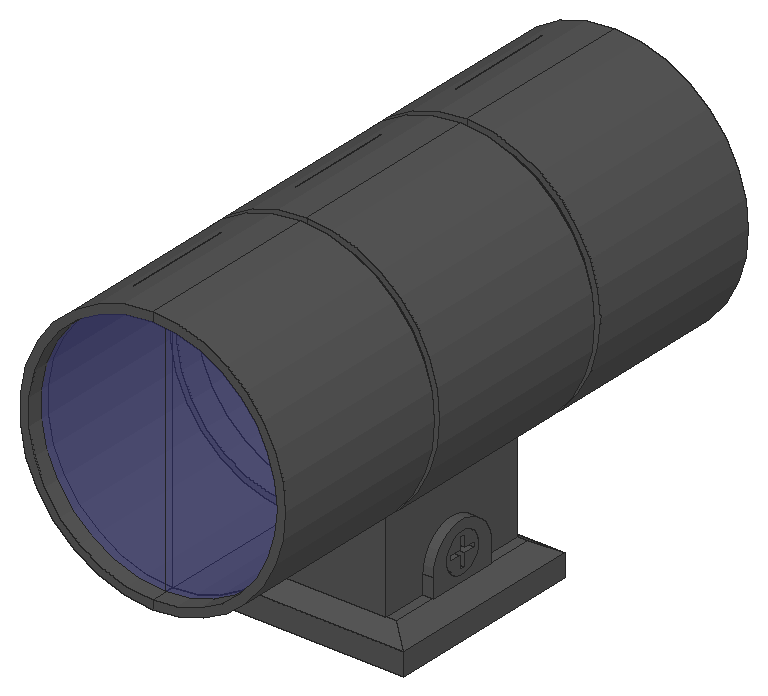
Revit family "CARLO CYLINDER LIGHT WALL MOUNT", category Lighting Fixtures, host Face, Revit 2020 (continued)
Types (10): name | Wattage_Input | Wattage Comments | Wattage | Photometric Web File | built-in parameter 1150142 | Model | built-in parameter 1150105 | Lumens | Light Length 1 | LIGHT RADIUS | LIGHT PLACEMENT | LIGHT LENGTH | LIGHT DIA | built-in parameter 1150106 | FIXED END HEIGHT | Curve base Height | Base Curve | BEAMING ANGLE | Apparent Load
    1011.9 \r\n1006.9 1014.2 1015.4 1015.1 1013.9 1012.3 1010.2 1008.2 1005.4 1001.1 \r\n 996.18 991.54 986.71 981.51 975.96 970.05 963.77 957.12 950.03 942.34 \r\n 934.37 926.48 918.42 910.09 901.37 892.17 882.29 871.36 859.76 847.75 \r\n 835.35 822.79 809.77 795.88 781.78 768.28 754.65 740.35 725.58 710.29 \r\n 694.67 678.73 662.93 647.8 633.04 618.7 604.32 589.28 574.16 559.3 \r\n 544.83 531.01 517.91 505.72 494.35 483.8 474.02 465.15 456.61 447.78 \r\n 438.95 430.32 421.49 412 402.18 392.36 382.05 370.52 358.81 347.91 \r\n 337.25 326.41 316.04 307.87 298.19 282.62 264.83 247.32 229.16 210.37 \r\n 190.55 168.88 146.63 124.53 103.4 84.3 67.213 51.939 40.048 34.161 \r\n 30.929 27.639 24.997 22.852 21.068 19.442 18.02 16.808 15.724 14.662 \r\n 13.702 12.919 12.225 11.539 10.909 10.366 9.877 9.4162 8.9877 8.5876 \r\n 8.215 7.87 7.5456 7.2336 6.9363 6.6543 6.3843 6.123 5.871 5.6272 \r\n 5.3934 5.173 4.9599 4.7479 4.5408 4.3388 4.1469 3.9733 3.8081 3.6418 \r\n 3.4815 3.3321 3.1901 3.0536 2.9218 2.7889 2.667 2.572 2.487 2.3952 \r\n 2.3124 2.2526 2.2035 2.159 2.1149 2.0588 2.009 1.993 1.9709 1.8992 \r\n 1.816 1.7535 1.6866 1.5949 1.4956 1.3968 1.3053 1.2429 1.1738 1.0538 \r\n 0.92986 0.84294 0.76745 0.68978 0.61494 0.54188 0.47515 0.42468 0.37322 0.29739 \r\n 0.22545 0.18577 0.15464 0.11427 0.075184 0.040637 0.014679 0.0057745 0.003944 0.001319 \r\n 0.000032 0 0 0 0 0.013158 0.032852 0.056784 0.085126 0.11704 \r\n 0.15326 0.19381 0.24001 0.29489 0.35336 0.40999 0.46877 0.53141 0.59939 0.67858 \r\n 0.75743 0.81783 0.88528 0.98946 1.0997 1.1907 1.2756 1.3563 1.4401 1.543 \r\n 1.6414 1.7099 1.7705 1.8431 1.909 1.952 1.9886 2.0309 2.0757 2.1251 \r\n 2.1744 2.2137 2.2613 2.3389 2.4266 2.5081 2.5938 2.6872 2.7927 2.9214 \r\n 3.0565 3.1784 3.306 3.4573 3.6161 3.7679 3.9261 4.1005 4.2878 4.4922 \r\n 4.7003 4.8942 5.0915 5.3048 5.5306 5.7685 6.0215 6.2957 6.5819 6.8723 \r\n 7.1692 7.4677 7.7812 8.1229 8.488 8.8706 9.287 9.7548 10.265 10.81 \r\n 11.402 12.038 12.752 13.581 14.509 15.509 16.653 17.988 19.561 21.361 \r\n 23.62 26.287 30.202 35.07 44.25 63.149 85.342 105.57 125.76 145.98 \r\n 166.51 187.8 209.38 231.51 252.37 270.43 285.06 294.05 300.64 307.46 \r\n 314.23 321.61 329.41 337.61 346.3 355.49 365.3 375.97 387.08 398.43 \r\n 409.64 420.06 430.37 441.04 452.01 463.39 475.19 487.29 500.15 514.46 \r\n 529.39 544.25 559.26 574.46 589.73 604.94 620.24 635.74 651.31 666.81 \r\n 682.28 697.84 713.14 727.82 742.02 755.75 769.13 782.31 795.26 808.16 \r\n 820.52 831.67 842.32 853.07 863.51 873.43 882.8 891.48 899.56 907.11 \r\n 913.94 919.66 924.89 930.18 935.42 940.79 946.07 951.06 955.9 960.56 \r\n 965.42 971.17 976.89 981.59 986.17 991.47 996.7 1001.3 1005.4 1008.8 \r\n 1011.9 \r\n1006.9 1013.8 1014.7 1014.3 1012.9 1011 1008.7 1006.6 1003.8 999.49 \r\n 994.62 990.07 985.31 980.11 974.53 968.58 962.25 955.51 948.35 940.67 \r\n 932.72 924.76 916.6 908.18 899.34 889.99 879.91 868.74 856.95 844.94 \r\n 832.59 819.99 806.88 792.78 778.44 764.73 750.88 736.34 721.3 705.64 \r\n 689.7 673.72 657.96 642.85 628.16 613.99 599.73 584.57 569.32 554.49 \r\n 540.14 526.54 513.72 501.81 490.75 480.52 471.03 462.34 453.93 445.2 \r\n 436.48 428.04 419.4 410.13 400.5 390.79 380.56 369.15 357.5 346.51 \r\n 335.68 324.59 313.85 305.29 294.82 277.4 257.73 239.19 220.65 202.41 \r\n 183.51 162.67 141.15 119.43 98.582 79.671 63.116 49.559 39.405 34.172 \r\n 31.172 27.982 25.327 23.183 21.377 19.712 18.249 17.017 15.916 14.823 \r\n 13.835 13.042 12.338 11.633 10.984 10.435 9.9423 9.4723 9.0339 8.6258 \r\n 8.2456 7.8928 7.5611 7.2424 6.9407 6.6602 6.3921 6.1276 5.8716 5.6262 \r\n 5.3912 5.1692 4.9546 4.7419 4.5342 4.3311 4.1382 3.9642 3.7986 3.6316 \r\n 3.4704 3.3205 3.1781 3.0412 2.9099 2.7805 2.6622 2.5668 2.482 2.3957 \r\n 2.3184 2.2601 2.2103 2.1617 2.1141 2.0626 2.0145 1.9915 1.9611 1.8865 \r\n 1.8014 1.736 1.6645 1.5626 1.4565 1.3661 1.2845 1.2201 1.1471 1.0288 \r\n 0.90761 0.82227 0.74737 0.6676 0.59137 0.52221 0.45947 0.40784 0.35479 0.28107 \r\n 0.21143 0.17146 0.13942 0.098439 0.059519 0.026996 0.0039642 0 0 0 \r\n 0 0 0 0 0.00041383 0.015746 0.036573 0.056747 0.08094 0.1126 \r\n 0.14926 0.1892 0.23366 0.28341 0.3381 0.39901 0.46195 0.52024 0.58254 0.66022 \r\n 0.73848 0.79757 0.86367 0.96602 1.0757 1.1707 1.2598 1.3406 1.4247 1.5324 \r\n 1.6361 1.7068 1.7685 1.8417 1.908 1.9515 1.9882 2.0287 2.0723 2.1245 \r\n 2.1762 2.2132 2.2572 2.3326 2.4175 2.494 2.5741 2.662 2.7633 2.8924 \r\n 3.0275 3.1436 3.2647 3.4127 3.5693 3.7194 3.8743 4.0379 4.2159 4.4232 \r\n 4.635 4.8235 5.0122 5.2159 5.4337 5.6704 5.9232 6.1928 6.4724 6.7549 \r\n 7.0416 7.3267 7.6235 7.9445 8.2857 8.642 9.029 9.4626 9.9366 10.453 \r\n 11.004 11.556 12.179 12.959 13.825 14.698 15.696 16.917 18.338 19.856 \r\n 21.813 24.368 27.964 31.719 39.771 58.241 80.301 100.56 120.83 140.77 \r\n 161.42 184.23 207.66 231.26 253.17 271.31 285.9 295.66 303.02 309.97 \r\n 316.61 323.73 331.21 339.25 347.69 356.32 365.49 375.6 386.27 397.41 \r\n 408.55 419 429.33 439.91 450.72 461.82 473.29 485.04 497.65 512.01 \r\n 527.09 542.02 557.08 572.29 587.55 602.71 617.93 633.38 648.83 664.06 \r\n 679.25 694.61 709.78 724.46 738.66 752.16 765.32 778.45 791.45 804.56 \r\n 817.1 828.2 838.76 849.54 860.07 870.15 879.74 888.72 897.13 905.05 \r\n 912.24 918.3 923.81 929.24 934.55 939.91 945.16 950.2 955.11 959.77 \r\n 964.66 970.55 976.32 980.69 984.94 990.26 995.65 1000.6 1004.9 1008.6 \r\n 1011.9 \r\n1006.9 1013.3 1014 1013.4 1011.8 1009.7 1007.1 1004.6 1001.7 997.32 \r\n 992.5 988.01 983.29 977.97 972.28 966.32 959.99 953.24 946.08 938.45 \r\n 930.54 922.62 914.4 905.68 896.5 886.87 876.61 865.43 853.69 841.76 \r\n 829.4 816.45 803.01 789.04 774.84 760.82 746.58 731.86 716.71 700.94 \r\n 684.99 669.18 653.58 638.36 623.47 609.1 594.67 579.36 564.05 549.34 \r\n 535.18 521.75 509.07 497.28 486.26 475.98 466.37 457.51 448.96 440.16 \r\n 431.41 422.97 414.44 405.53 396.29 386.74 376.69 365.73 354.54 343.81 \r\n 333.14 322.25 311.45 302.17 290.77 272.64 252.2 232.6 213.07 194.16 \r\n 174.99 154.63 133.81 112.5 92.117 73.927 58.419 46.671 38.183 33.462 \r\n 30.568 27.522 24.942 22.838 21.055 19.427 17.992 16.755 15.651 14.595 \r\n 13.647 12.869 12.177 11.488 10.854 10.315 9.83 9.3686 8.9384 8.5382 \r\n 8.1644 7.8147 7.4845 7.1675 6.8667 6.5849 6.3162 6.0545 5.8027 5.5614 \r\n 5.33 5.1087 4.8947 4.6844 4.4803 4.2822 4.0943 3.9234 3.7601 3.5941 \r\n 3.434 3.2861 3.1466 3.0138 2.8876 2.7652 2.6531 2.5588 2.4755 2.3978 \r\n 2.3287 2.2714 2.2203 2.171 2.1229 2.0723 2.0234 1.9847 1.9392 1.8664 \r\n 1.7855 1.7153 1.6369 1.5289 1.4193 1.334 1.2569 1.1851 1.1059 0.99585 \r\n 0.88453 0.79938 0.72298 0.64527 0.5717 0.50477 0.44328 0.38924 0.33544 0.27029 \r\n 0.20896 0.1671 0.13162 0.092299 0.056178 0.025842 0.0043882 0 0 0 \r\n 0 0 0 0 0.00034799 0.012799 0.02973 0.045125 0.065908 0.099623 \r\n 0.13839 0.1749 0.21498 0.2622 0.31594 0.37934 0.44463 0.50087 0.56074 0.63906 \r\n 0.71849 0.77796 0.84343 0.94245 1.0492 1.1449 1.2362 1.3196 1.4074 1.5213 \r\n 1.6302 1.7007 1.7605 1.8317 1.8964 1.9411 1.9772 2.0098 2.0454 2.0974 \r\n 2.15 2.1837 2.2232 2.2935 2.3739 2.4492 2.5286 2.6139 2.7129 2.8422 \r\n 2.9773 3.0905 3.2082 3.354 3.5088 3.6585 3.8123 3.9721 4.1455 4.349 \r\n 4.5577 4.7442 4.9314 5.1336 5.3493 5.583 5.8306 6.0904 6.3597 6.6357 \r\n 6.9171 7.1984 7.489 7.7958 8.1204 8.4622 8.8347 9.254 9.7126 10.212 \r\n 10.743 11.271 11.868 12.616 13.446 14.284 15.234 16.378 17.706 19.131 \r\n 20.95 23.325 26.567 29.713 36.744 53.262 73.443 92.927 112.94 132.95 \r\n 153.86 176.97 200.48 223.37 244.62 262.82 278.17 290.12 299.59 306.87 \r\n 313.3 320.42 327.89 335.96 344.45 353.23 362.55 372.65 383.35 394.7 \r\n 406.11 416.83 427.44 438.3 449.33 460.56 472.05 483.66 496.03 510.1 \r\n 524.87 539.61 554.51 569.5 584.55 599.59 614.73 630.11 645.52 660.78 \r\n 676.01 691.41 706.58 721.17 735.3 748.86 762.1 775.31 788.37 801.44 \r\n 813.98 825.21 835.96 846.96 857.73 868.05 877.89 887.18 895.9 904.09 \r\n 911.52 917.76 923.47 929.25 934.82 940.08 945.12 950.01 954.79 959.35 \r\n 964.11 969.74 975.31 979.75 984.15 989.56 995.06 1000.1 1004.6 1008.5 \r\n 1011.9 \r\n1006.9 1012.9 1013.2 1012.4 1010.8 1008.4 1005.4 1002.6 999.38 995.02 \r\n 990.26 985.82 981.11 975.68 969.86 963.91 957.63 950.89 943.75 936.19 \r\n 928.34 920.47 912.21 903.19 893.64 883.74 873.3 862.15 850.5 838.66 \r\n 826.27 812.91 799.11 785.3 771.26 756.91 742.27 727.37 712.12 696.31 \r\n 680.38 664.78 649.33 633.98 618.85 604.2 589.51 574.07 558.72 544.15 \r\n 530.21 516.94 504.4 492.7 481.71 471.31 461.51 452.43 443.67 434.75 \r\n 425.94 417.45 408.99 400.41 391.55 382.13 372.25 361.76 351.07 340.64 \r\n 330.17 319.48 308.6 298.46 286.09 267.58 246.74 226.16 205.57 185.8 \r\n 166.17 146.24 126.15 105.29 85.475 68.175 53.848 43.877 36.965 32.665 \r\n 29.803 26.898 24.411 22.354 20.6 19.022 17.627 16.392 15.29 14.282 \r\n 13.387 12.631 11.953 11.288 10.677 10.151 9.6759 9.2265 8.808 8.419 \r\n 8.0545 7.7103 7.3839 7.0708 6.7724 6.4894 6.2199 5.9623 5.716 5.4801 \r\n 5.2531 5.0332 4.8202 4.6132 4.4136 4.2219 4.04 3.8729 3.7121 3.548 \r\n 3.3897 3.2442 3.1082 2.9806 2.8606 2.746 2.6405 2.5476 2.4661 2.3974 \r\n 2.337 2.2804 2.2277 2.1787 2.1306 2.0813 2.0295 1.9739 1.9127 1.8425 \r\n 1.7668 1.6912 1.6056 1.4938 1.3827 1.3013 1.227 1.1468 1.0609 0.96068 \r\n 0.86077 0.77549 0.69715 0.62249 0.55252 0.48737 0.42643 0.36977 0.31543 0.25993 \r\n 0.20787 0.1638 0.12448 0.087461 0.054884 0.02703 0.007 0.00050721 0 0 \r\n 0 0 0 0 0.0002555 0.0089994 0.021291 0.032123 0.049926 0.085844 \r\n 0.12674 0.15962 0.19518 0.24029 0.29339 0.35864 0.42573 0.48051 0.53868 0.61758 \r\n 0.69814 0.75891 0.82446 0.91939 1.0222 1.1181 1.2115 1.298 1.3897 1.5086 \r\n 1.6213 1.6921 1.7504 1.8193 1.8823 1.9289 1.9653 1.9896 2.0163 2.067 \r\n 2.1196 2.1505 2.186 2.25 2.3251 2.3997 2.4795 2.5627 2.6595 2.7882 \r\n 2.9227 3.034 3.1494 3.2927 3.4454 3.5949 3.7483 3.9056 4.0752 4.2732 \r\n 4.477 4.6626 4.8499 5.0518 5.2661 5.4962 5.7377 5.987 6.2455 6.5149 \r\n 6.7914 7.0705 7.357 7.6515 7.9617 8.2915 8.6528 9.0615 9.5085 9.9922 \r\n 10.506 11.024 11.606 12.325 13.125 13.945 14.866 15.945 17.194 18.566 \r\n 20.288 22.488 25.409 28.156 34.277 48.497 66.38 84.886 104.55 124.74 \r\n 145.94 169.07 192.28 214.1 234.43 252.68 268.95 283.33 295.14 302.84 \r\n 309.1 316.27 323.78 331.87 340.45 349.48 359.04 369.22 379.98 391.56 \r\n 403.26 414.26 425.17 436.35 447.68 459.1 470.67 482.18 494.33 508.02 \r\n 522.41 536.92 551.62 566.36 581.2 596.12 611.18 626.5 641.92 657.28 \r\n 672.63 688.09 703.28 717.8 731.87 745.55 758.95 772.28 785.41 798.42 \r\n 810.93 822.34 833.36 844.61 855.65 866.22 876.33 885.92 894.92 903.33 \r\n 910.96 917.36 923.26 929.41 935.28 940.42 945.24 949.96 954.58 959.04 \r\n 963.66 968.96 974.28 978.86 983.5 989 994.56 999.65 1004.3 1008.4 \r\n 1011.9 \r\n1006.9 1012.4 1012.3 1011.5 1009.8 1007 1003.8 1000.6 997.06 992.67 \r\n 987.99 983.58 978.86 973.32 967.4 961.47 955.25 948.55 941.45 933.97 \r\n 926.2 918.4 910.09 900.78 890.88 880.72 870.13 859.02 847.47 835.68 \r\n 823.24 809.48 795.3 781.62 767.72 753.03 737.98 722.91 707.59 691.75 \r\n 675.87 660.44 645.12 629.63 614.24 599.27 584.3 568.74 553.4 539 \r\n 525.27 512.18 499.79 488.2 477.23 466.7 456.7 447.4 438.41 429.34 \r\n 420.43 411.86 403.43 395.12 386.56 377.22 367.47 357.42 347.2 337.06 \r\n 326.76 316.21 305.16 294.06 280.73 262.13 241.21 219.78 198.19 177.49 \r\n 157.31 137.76 118.39 98.046 78.901 62.626 49.563 41.266 35.78 31.821 \r\n 28.941 26.171 23.791 21.786 20.066 18.544 17.197 15.968 14.873 13.922 \r\n 13.086 12.354 11.693 11.056 10.471 9.9597 9.4963 9.0609 8.656 8.2798 \r\n 7.9263 7.5891 7.2679 6.9602 6.6656 6.3818 6.1117 5.8588 5.6187 5.3886 \r\n 5.1665 4.9483 4.7369 4.5335 4.3389 4.154 3.9788 3.8155 3.6574 3.4957 \r\n 3.3397 3.1971 3.0649 2.943 2.8297 2.723 2.6244 2.5332 2.4536 2.394 \r\n 2.3419 2.2857 2.2316 2.1834 2.1359 2.0871 2.0316 1.9594 1.883 1.8158 \r\n 1.7453 1.6641 1.5714 1.4581 1.3476 1.2689 1.1956 1.1067 1.0145 0.92447 \r\n 0.83634 0.75083 0.67048 0.59951 0.53368 0.46989 0.40898 0.34985 0.29523 0.24939 \r\n 0.2066 0.16035 0.11732 0.083012 0.05441 0.029331 0.010769 0.0026571 0 0 \r\n 0 0 0 0 0.00015043 0.0048397 0.01229 0.019135 0.034533 0.072399 \r\n 0.11509 0.14456 0.17594 0.2192 0.2717 0.33813 0.40643 0.4602 0.51719 0.5963 \r\n 0.67773 0.74063 0.80699 0.8972 0.99519 1.0912 1.1868 1.2764 1.3717 1.4937 \r\n 1.6088 1.6805 1.7386 1.8052 1.8665 1.9164 1.9541 1.9707 1.9889 2.0373 \r\n 2.0889 2.1177 2.1497 2.2068 2.2756 2.35 2.4307 2.5119 2.6064 2.7335 \r\n 2.8667 2.9771 3.0912 3.2314 3.3815 3.5311 3.6846 3.8403 4.0068 4.1981 \r\n 4.3959 4.5811 4.7696 4.9718 5.1849 5.4109 5.6459 5.8848 6.133 6.3955 \r\n 6.6673 6.9451 7.2289 7.513 7.811 8.1313 8.4836 8.8843 9.322 9.7909 \r\n 10.291 10.805 11.381 12.073 12.844 13.658 14.565 15.587 16.769 18.115 \r\n 19.769 21.8 24.435 26.952 32.272 44.024 59.376 76.767 96.013 116.41 \r\n 137.94 160.86 183.54 204.17 223.55 241.92 259.16 276.01 290.2 298.4 \r\n 304.57 311.82 319.37 327.48 336.12 345.4 355.23 365.49 376.34 388.12 \r\n 400.07 411.33 422.52 434.03 445.64 457.28 468.95 480.4 492.34 505.63 \r\n 519.58 533.85 548.35 562.84 577.47 592.29 607.31 622.6 638.03 653.54 \r\n 669.06 684.6 699.82 714.29 728.34 742.18 755.8 769.28 782.52 795.47 \r\n 807.95 819.58 830.9 842.44 853.76 864.6 874.97 884.82 894.06 902.67 \r\n 910.46 917 923.08 929.6 935.76 940.81 945.4 949.97 954.44 958.8 \r\n 963.28 968.24 973.29 978.05 982.96 988.53 994.13 999.28 1004 1008.3 \r\n 1011.9 \r\n1006.9 1011.9 1011.5 1010.5 1008.7 1005.8 1002.2 998.66 994.78 990.38 \r\n 985.77 981.36 976.62 970.98 964.97 959.09 952.95 946.29 939.25 931.87 \r\n 924.19 916.44 908.1 898.53 888.33 877.96 867.23 856.15 844.67 832.9 \r\n 820.36 806.23 791.7 778.07 764.23 749.2 733.78 718.54 703.14 687.28 \r\n 671.44 656.13 640.88 625.26 609.63 594.33 579.06 563.43 548.15 533.93 \r\n 520.43 507.54 495.31 483.87 472.97 462.36 452.21 442.7 433.51 424.29 \r\n 415.27 406.6 398.15 389.99 381.6 372.28 362.58 352.87 343.02 333.12 \r\n 322.93 312.35 300.98 288.89 274.64 256.18 235.45 213.4 190.96 169.4 \r\n 148.68 129.47 110.77 91.022 72.643 57.493 45.727 38.924 34.659 30.968 \r\n 28.047 25.405 23.137 21.188 19.507 18.041 16.742 15.525 14.445 13.549 \r\n 12.772 12.066 11.422 10.814 10.256 9.7594 9.3076 8.8864 8.4955 8.1323 \r\n 7.79 7.4605 7.1454 6.844 6.554 6.2702 6.0001 5.7519 5.5177 5.2933 \r\n 5.076 4.8598 4.6502 4.4507 4.261 4.0828 3.914 3.7541 3.5986 3.4397 \r\n 3.2867 3.1471 3.0186 2.9024 2.7959 2.6968 2.6047 2.5154 2.4381 2.3867 \r\n 2.3423 2.2864 2.2308 2.1839 2.1374 2.088 2.0283 1.9416 1.8521 1.7872 \r\n 1.7211 1.634 1.5349 1.4228 1.315 1.2375 1.1633 1.0665 0.96891 0.8884 \r\n 0.81123 0.7256 0.64361 0.57659 0.51502 0.45221 0.391 0.32987 0.27528 0.23808 \r\n 0.20358 0.15553 0.10946 0.078038 0.053527 0.031518 0.014666 0.004904 0 0 \r\n 0 0 0 0 0.000047 0.00081398 0.0037629 0.0075608 0.021265 0.060424 \r\n 0.10423 0.13093 0.15891 0.20045 0.25213 0.31904 0.38794 0.44097 0.49709 0.57579 \r\n 0.65755 0.72333 0.79125 0.87626 0.96885 1.0652 1.1632 1.2557 1.3537 1.4761 \r\n 1.5915 1.6652 1.7249 1.7898 1.85 1.9042 1.9455 1.9564 1.9668 2.0119 \r\n 2.0616 2.0892 2.1189 2.1684 2.2303 2.3044 2.386 2.4652 2.5569 2.6812 \r\n 2.8122 2.9225 3.0363 3.173 3.3197 3.4694 3.6236 3.7782 3.9418 4.1259 \r\n 4.317 4.5024 4.6926 4.8948 5.1064 5.328 5.5564 5.7861 6.0249 6.2806 \r\n 6.5475 6.8241 7.1059 7.3818 7.6701 7.9826 8.3275 8.7214 9.1508 9.6054 \r\n 10.093 10.607 11.179 11.845 12.59 13.401 14.3 15.273 16.399 17.732 \r\n 19.334 21.207 23.593 26 30.633 39.92 52.696 68.901 87.655 108.28 \r\n 130.12 152.69 174.73 194.32 212.93 231.52 249.77 268.91 285.3 294.07 \r\n 300.27 307.61 315.17 323.24 331.88 341.35 351.39 361.71 372.59 384.49 \r\n 396.6 408.06 419.48 431.26 443.13 454.95 466.71 478.12 489.88 502.75 \r\n 516.27 530.31 544.64 558.92 573.37 588.13 603.14 618.4 633.87 649.57 \r\n 665.28 680.89 696.14 710.6 724.69 738.73 752.58 766.26 779.63 792.55 \r\n 805.03 816.91 828.54 840.38 851.99 863.11 873.74 883.8 893.24 902 \r\n 909.94 916.6 922.84 929.7 936.11 941.09 945.51 949.96 954.31 958.6 \r\n 962.98 967.6 972.41 977.35 982.51 988.11 993.71 998.91 1003.8 1008.2 \r\n 1011.9 \r\n1006.9 1011.4 1010.7 1009.5 1007.6 1004.5 1000.8 996.99 992.86 988.49 \r\n 983.94 979.45 974.62 968.97 963.01 957.2 951.13 944.5 937.5 930.25 \r\n 922.68 914.93 906.54 896.88 886.56 876.09 865.28 854.1 842.51 830.58 \r\n 817.87 803.54 788.78 774.86 760.7 745.38 729.7 714.27 698.73 682.77 \r\n 666.82 
